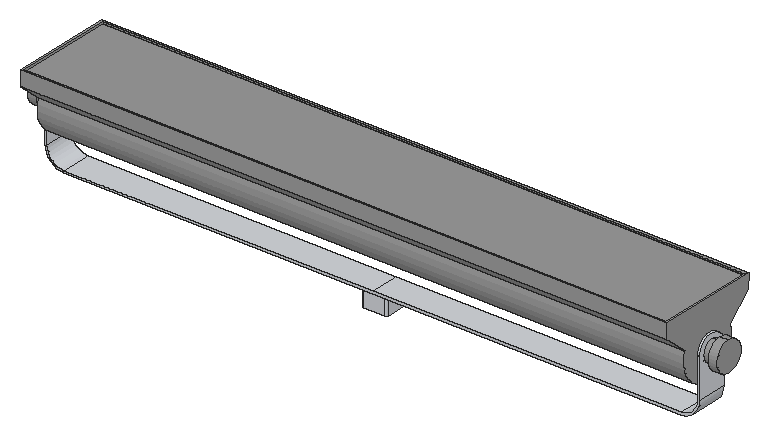
Revit family "Alcon-13126-12-Revit-Family", category Generic Models, host Face, Revit 2025
Family settings
  Host = Face
  Can host rebar = No
  Round Connector Dimension = Use Diameter
  Part Type = Normal
  Cut with Voids When Loaded = No
  Maintain Annotation Orientation = No
  Shared = No
  Room Calculation Point = No
Parameters
  URL = "https://www.alconlighting.com/?srsltid=AfmBOooDPhGQ0dEP-X2PMtxFfvvWpIAEL4jCll_O2F4_to5onvhnBomy"
  Product Page URL = "https://www.alconlighting.com/13126-20.html"
  Model = "13126-20"
  Manufacturer = "ALCON Lighter"
  Fixture Rotation = 90.00°
  Default Elevation = 4' - 0"
Reference planes (in)
  plane 1 "Center (Front/Back)": y = 0
  plane 2: z = 0
  plane 3 "Center (Left/Right)": x = 0
  plane 4: z = 2.21166
Forms (in)
  Extrusion 1, solid
    sketch origin (0, 0.03835, 2.21166) x (1, 0, 0) y (0, 0, -1)
      loop
        line (0, 1.64916) -> (9.0625, 1.64916)
        arc (9.0625, 1.64916) -> (9.41605, 1.50272) -> (9.5625, 1.14916) r 0.5
        line (9.5625, 1.14916) -> (9.5625, -0.50555) -> (9.625, -0.50555) -> (9.625, 1.14824)
        arc (9.625, 1.14824) -> (9.45998, 1.54664) -> (9.06158, 1.71166) r 0.56342
        line (9.06158, 1.71166) -> (0, 1.71166) -> (-9.06158, 1.71166)
        arc (-9.06158, 1.71166) -> (-9.45998, 1.54664) -> (-9.625, 1.14824) r 0.56342
        line (-9.625, 1.14824) -> (-9.625, -0.50546) -> (-9.5625, -0.50546) -> (-9.5625, 1.14916)
        arc (-9.5625, 1.14916) -> (-9.41605, 1.50272) -> (-9.0625, 1.64916) r 0.5
        line (-9.0625, 1.64916) -> (0, 1.64916)
    from -0.47585 to 0.39915
  Extrusion 2, solid
    sketch origin (0, 0, 0.5) x (-1, 0, 0) y (0, 1, 0)
      loop
        arc (-0.375, -0.3125) -> (-0.35669, -0.35669) -> (-0.3125, -0.375) r 0.0625
        line (-0.3125, -0.375) -> (0.3125, -0.375)
        arc (0.3125, -0.375) -> (0.35669, -0.35669) -> (0.375, -0.3125) r 0.0625
        line (0.375, -0.3125) -> (0.375, 0.3125)
        arc (0.375, 0.3125) -> (0.35669, 0.35669) -> (0.3125, 0.375) r 0.0625
        line (0.3125, 0.375) -> (-0.3125, 0.375)
        arc (-0.3125, 0.375) -> (-0.35669, 0.35669) -> (-0.375, 0.3125) r 0.0625
        line (-0.375, 0.3125) -> (-0.375, -0.3125)
    from 0 to 0.5
  Extrusion 3, void
    sketch origin (0, 0, 0) x (0, -1, 0) y (0, 0, 1)
      loop
        arc (-0.4375, 2.21166) -> (0, 2.64916) -> (0.4375, 2.21166) r 0.4375
        line (0.4375, 2.21166) -> (0.4375, 0.3496) -> (0.5625, 0.3496) -> (0.5625, 2.77416) -> (-0.5625, 2.77416) -> (-0.5625, 0.3496) -> (-0.4375, 0.3496) -> (-0.4375, 2.21166)
    from -10.67075 to 10.71715
Cuts and joins
  Extrusion 3 cuts Extrusion 1
Dimensions and locks (in)
  "Fixture Rotation": angle nested 1 to plane 4
  aligned and locked: plane 2 to host face
  aligned and locked: level to host face
Automatic sketch dimensions
  host sketch curve to host sketch curve = 8' - 0"  (x2)
  Extrusion 1 sketch curve to plane 3 "Center (Left/Right)" = 0' - 0"  (x2)
  level to Extrusion 1 sketch curve = 0' - 0 1/2"
  Extrusion 1 sketch curve to plane 3 "Center (Left/Right)" = 0' - 9.06158"
  Extrusion 1 sketch curve to Extrusion 1 sketch curve = 0' - 0.00092"  (x3)
  Extrusion 1 sketch curve to Extrusion 1 sketch curve = 0' - 0 1/2"
  Extrusion 1 sketch curve to Extrusion 1 sketch curve = 0' - 0 1/16"  (x2)
  level to Extrusion 1 sketch curve = 0' - 1.06342"
  plane 3 "Center (Left/Right)" to Extrusion 1 sketch curve = 0' - 9.06158"
  Extrusion 1 sketch curve to plane 4 = 0' - 0.50546"
  Extrusion 1 sketch curve to plane 4 = 0' - 0.50555"
  plane 3 "Center (Left/Right)" to Extrusion 2 sketch curve = 0' - 0 3/8"
  Extrusion 2 sketch curve to Extrusion 2 sketch curve = 0' - 0 1/16"  (x3)
  Extrusion 2 sketch curve to plane 3 "Center (Left/Right)" = 0' - 0 5/16"  (x2)
  Extrusion 2 sketch curve to plane 1 "Center (Front/Back)" = 0' - 0 3/8"
  plane 1 "Center (Front/Back)" to Extrusion 2 sketch curve = 0' - 0 5/16"
  plane 4 to Extrusion 3 sketch curve = 0' - 0"
  Extrusion 3 sketch curve to plane 1 "Center (Front/Back)" = 0' - 0"
  Extrusion 3 sketch curve to plane 1 "Center (Front/Back)" = 0' - 0 7/16"
  Extrusion 3 sketch curve to Extrusion 3 sketch curve = 0' - 0 1/8"
  plane 1 "Center (Front/Back)" to Extrusion 3 sketch curve = 0' - 0 9/16"
  level to Extrusion 3 sketch curve = 0' - 0.3496"  (x2)
  Extrusion 3 sketch curve to plane 4 = 0' - 0 9/16"
Nested families (in)
  nested 1: "Alcon - 13126-20 Box_" at (0, 0, 2.21166) x (0, 0, -1) z (1, 0, 0), type "Alcon - 13126-20 Box_"
    with built-in parameter 1001306 0.03898 (stored number, unit not read)
Definition of nested family "Alcon - 13126-20 Box_"
  Parameters (values of type "Alcon - 13126-20 Box_")
    Wattage = 9.2903 W
    built-in parameter 1150110 = 1 (stored number, unit not read)
    built-in parameter 1114217 = 1 (stored number, unit not read)
    Tilt Angle = 60.00°
    built-in parameter 1150109 = 1 (stored number, unit not read)
    built-in parameter 1150134 = 3
    built-in parameter 1150113 = 1 (stored number, unit not read)
    built-in parameter 1010507 = 1.5708 (stored number, unit not read)
    built-in parameter 1010506 = 0.5236 (stored number, unit not read)
    built-in parameter 1150105 = 4614.1 (stored number, unit not read)
    Lumens = 1380 lm
    built-in parameter 1150115 = 1 (stored number, unit not read)
    Light Source Symbol Length = 10' - 0"
    built-in parameter 1150137 = (empty or 0)
    built-in parameter 1150139 = (empty or 0)
    built-in parameter 1001306 [instance] = 4' - 0"
    built-in parameter 1150112 = 1 (stored number, unit not read)
    built-in parameter 1150114 = 1 (stored number, unit not read)
    built-in parameter 1150132 = (empty or 0)
    built-in parameter 1150102 = (empty or 0)
    built-in parameter 1150107 = 3200 (stored number, unit not read)
    built-in parameter 1150138 = (empty or 0)
    built-in parameter 1150106 = 46.141 (stored number, unit not read)
    Glass Frosted = none
    built-in parameter 1150104 = 13.8 (stored number, unit not read)
    Dimming Lamp Color Temperature Shift = (empty or 0)
    Default Elevation = 0' - 0"
    Color Filter = 16777215
    Body = none
    built-in parameter 1114218 = 1 (stored number, unit not read)
    built-in parameter 1150133 = 10 (stored number, unit not read)
  Reference planes (in)
    plane 1 "Center (Front/Back)": y = 0
    plane 2: z = 0
    plane 3 "Left": x = 0
    plane 4 "Right": x = 48
  Forms (in)
    Extrusion 1, solid, material <- "Body"
      sketch origin (0, -0.82692, 2.54268) x (0, -1, 0) y (1, 0, 0)
        loop
          line (0.67308, -1.3125) -> (0.67308, -0.875) -> (0, -0.28606)
          arc (0, -0.28606) -> (-0.82692, 0.875) -> (-1.65384, -0.28606) r 0.875
          line (-1.65384, -0.28606) -> (-2.32692, -0.875) -> (-2.32692, -1.3125) -> (0.67308, -1.3125)
      from -12.04268 to 6.95732
    Extrusion 2, void
      sketch origin (0, 0, 0) x (1, 0, 0) y (0, 1, 0)
        loop
          line (-1.375, 1.4375) -> (-1.375, -1.4375) -> (-0.90336, -1.4375) -> (-0.30463, -0.75323) -> (-0.30463, 0.75323) -> (-0.90336, 1.4375) -> (-1.375, 1.4375)
      from -9.4375 to 9.4375
    Extrusion 3, solid, material <- "Glass Frosted"
      sketch origin (0, 0, 0) x (0, 1, 0) y (0, 0, 1)
        loop
          line (1.4375, 9.4375) -> (-1.4375, 9.4375) -> (-1.4375, -9.4375) -> (1.4375, -9.4375) -> (1.4375, 9.4375)
      from -1.26766 to -1.2223
    Extrusion 4, solid, material <- "Body"
      sketch origin (0, 0, 0) x (1, 0, 0) y (0, 1, 0)
        loop
          circle (0, 0) r 0.4375
      from -10.125 to 10.125
    Extrusion 5, void
      sketch origin (0, 0, 0) x (1, 0, 0) y (0, 1, 0)
        loop
          circle (0, 0) r 0.4375
        loop
          circle (0, 0) r 0.3125
      from -9.875 to 9.875
  Cuts and joins
    Extrusion 2 cuts Extrusion 1
    Extrusion 5 cuts Extrusion 4
  Lines and regions (in)
    reference lines
      curve 1: line (0, 0, 0) -> (48, 0, 0)
    model lines
      curve 2: line (0, 0, 0) -> (-13.25, 0, 0)
      curve 3: line (0, 0, 0) -> (-13.25, 0, 0)
      curve 4: line (0, 0, 0) -> (-13.25, 0, 0)
  Dimensions and locks (in)
    "built-in parameter 1001306": plane 3 "Left" to plane 4 "Right"
    cut or joined group of Extrusion 1, Extrusion 2 to Extrusion 3 = 1' - 6 15/16"
    aligned and locked: plane 4 "Right" to curve 1
    aligned and locked: plane 1 "Center (Front/Back)" to curve 1
    aligned and locked: plane 3 "Left" to curve 1
    aligned and locked: level to plane 2
  Automatic sketch dimensions
    Extrusion 1 sketch curve to Extrusion 1 sketch curve = 0' - 0.67308"  (x2)
    Extrusion 1 sketch curve to Extrusion 1 sketch curve = 0' - 0.82692"
    Extrusion 1 sketch curve to Extrusion 1 sketch curve = 0' - 0 7/16"
    plane 1 "Center (Front/Back)" to Extrusion 1 sketch curve = 0' - 0"
    Extrusion 1 sketch curve to plane 3 "Left" = 0' - 0"
    Extrusion 1 sketch curve to plane 3 "Left" = 0' - 0.28606"
    plane 1 "Center (Front/Back)" to Extrusion 1 sketch curve = 0' - 0.82692"
    Extrusion 1 sketch curve to plane 3 "Left" = 0' - 0 7/8"  (x2)
    Extrusion 2 sketch curve to plane 3 "Left" = 0' - 0.30463"
    Extrusion 2 sketch curve to plane 3 "Left" = 0' - 0.90336"  (x2)
    Extrusion 2 sketch curve to Extrusion 2 sketch curve = 0' - 0.47164"
    plane 1 "Center (Front/Back)" to Extrusion 2 sketch curve = 0' - 0.75323"
    Extrusion 2 sketch curve to Extrusion 2 sketch curve = 0' - 0.68427"  (x2)
    Extrusion 2 sketch curve to plane 1 "Center (Front/Back)" = 0' - 0.75323"
    Extrusion 3 sketch curve to plane 1 "Center (Front/Back)" = 0' - 1 7/16"
    level to Extrusion 3 sketch curve = 0' - 9 7/16"
    plane 1 "Center (Front/Back)" to Extrusion 3 sketch curve = 0' - 1 7/16"
    Extrusion 3 sketch curve to level = 0' - 9 7/16"
    plane 1 "Center (Front/Back)" to curve 2 = 0' - 0"
    curve 2 to plane 3 "Left" = 0' - 0"
    curve 2 to curve 2 = 1' - 1 1/4"
    plane 1 "Center (Front/Back)" to Extrusion 4 sketch curve = 0' - 0"
    Extrusion 4 sketch curve to plane 3 "Left" = 0' - 0"
    curve 3 to plane 3 "Left" = 0' - 0"
    plane 1 "Center (Front/Back)" to Extrusion 5 sketch curve = 0' - 0"
    Extrusion 5 sketch curve to plane 3 "Left" = 0' - 0"
    Extrusion 5 sketch curve to Extrusion 5 sketch curve = 0' - 0 7/16"
    Extrusion 5 sketch curve to Extrusion 5 sketch curve = 0' - 0"  (x2)
    Extrusion 5 sketch curve to Extrusion 5 sketch curve = 0' - 0 1/8"
    plane 1 "Center (Front/Back)" to curve 3 = 0' - 0"
    curve 3 to curve 2 = 0' - 0"
    curve 4 to plane 3 "Left" = 0' - 0"
    plane 1 "Center (Front/Back)" to curve 4 = 0' - 0"
    curve 4 to curve 3 = 0' - 0"
    radius of Extrusion 4 sketch curve = 0' - 0 7/16"
